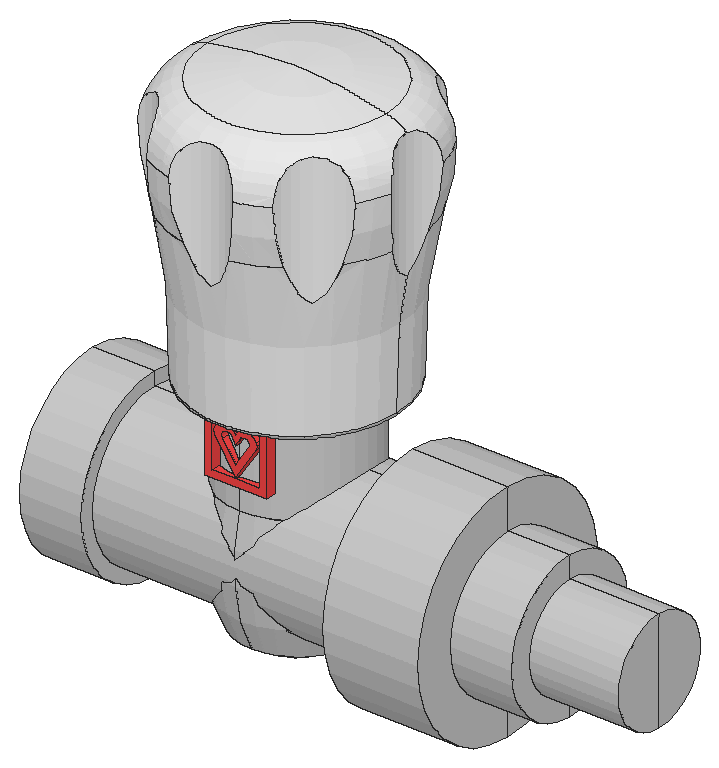
Revit family "GP Radiator Control Valve Straight Model 5523", category Rohrzubehör, Revit 2021
Family settings
  Bemaßung runder Anschluss = Durchmesser verwenden
  Teiletyp = Unterbricht
  OmniClass-Nummer = 23.65.55.14
  OmniClass-Titel = Valves for Liquid Services
  Arbeitsebenenbasiert = Nein
  Immer vertikal = Ja
  Beim Laden mit Abzugskörper schneiden = Nein
  Gemeinsam genutzt = Nein
Parameters
  W01 = 60.00°  # constant formula
  Vorgabe-Ansicht = 0.000 mm
  URL = "www.herzvalves.com"
  SCRNSEQ = "ARM;ARM_TYP=\"ALLF\";2"
  SCRNCODE = "05;00;02"  # constant formula
  S04 = 45.000 mm  # constant formula
  S03 = 61.000 mm  # constant formula
  S02 [instance] = L05 + L06 + L07  # 53.300 mm
  S01 = 10.000 mm  # constant formula
  R05 = 25.000 mm  # constant formula
  R04 = 2.000 mm  # constant formula
  R03 = 28.000 mm  # constant formula
  R02 = 11.500 mm  # constant formula
  R01 = 10.500 mm  # constant formula
  Part number [instance] = size_lookup("5523_", "Artnr", 0, Nennweite)  # 1552321
  Nennweite [instance] = 15.000 mm
  Model = "These universal models are nickel-plated and equipped with special sockets for threaded pipe and compression union connections."
  Medium = "Hot water quality according to Austrian standard ÖNORM H 5195 and/or VDI guideline 2035."
  Max. operating temperature = 110 °C  # constant formula
  Max. operating pressure = 1000000.0 Pa  # constant formula
  LO1 = 10.500 mm  # constant formula
  L07 [instance] = size_lookup("5523_", "L7", 1.000 mm, Nennweite)  # 22.300 mm
  L06 [instance] = size_lookup("5523_", "L6", 1.000 mm, Nennweite)  # 14.000 mm
  L05 [instance] = L02 - L04  # 17.000 mm
  L04 [instance] = size_lookup("5523_", "L4", 1.000 mm, Nennweite)  # 8.000 mm
  L03 [instance] = size_lookup("5523_", "L3", 1.000 mm, Nennweite)  # 9.000 mm
  L02 [instance] = size_lookup("5523_", "L2", 1.000 mm, Nennweite)  # 25.000 mm
  L01 [instance] = size_lookup("5523_", "L1", 1.000 mm, Nennweite)  # 30.000 mm
  Hersteller = "HERZ Armaturen Ges.m.b.H."  # constant formula
  Hand wheel = "plastic, white"  # constant formula
  H02 = 25.500 mm  # constant formula
  H01 = 17.000 mm  # constant formula
  GTI [instance] = size_lookup("5523_", "GT1", 1.000 mm, Nennweite)  # 13.200 mm
  GT [instance] = size_lookup("5523_", "GT", 1.000 mm, Nennweite)  # 9.500 mm
  G2 [instance] = Nennweite / 2  # 7.500 mm
  G1 [instance] = Nennweite / 2  # 7.500 mm
  D05 [instance] = size_lookup("5523_", "D5", 1.000 mm, Nennweite)  # 10.650 mm
  D04 [instance] = size_lookup("5523_", "D4", 1.000 mm, Nennweite)  # 16.500 mm
  D03 [instance] = size_lookup("5523_", "D3", 1.000 mm, Nennweite)  # 9.525 mm
  D02 [instance] = size_lookup("5523_", "D2", 1.000 mm, Nennweite)  # 11.500 mm
  D01 [instance] = size_lookup("5523_", "D1", 1.000 mm, Nennweite)  # 13.500 mm
  Body = "nickel-plated"  # constant formula
Reference planes
  plane 1 "Mitte (Vorne/hinten)": y = 0
  plane 2: z = 0
  plane 3 "Mitte (Links/rechts)": x = 0
Forms (mm)
  Revolve 1, solid, material "Messing, weicher Gelbton, geschweißt", detail levels fine
    sketch origin (0, 0, 0) x (1, 0, 0) y (0, 0, 1)
      loop
        line (-20.5, 0) -> (25, 0) -> (25, 9.525) -> (17, 9.525) -> (17, 11.5) -> (-21, 11.5) -> (-21, 13.5) -> (-30, 13.5) -> (-30, 7.5) -> (-20.5, 7.5) -> (-20.5, 0)
      axis (-30, 0) -> (25, 0)
    angle from 0 to 360
  Revolve 2, solid, material "Messing, weicher Gelbton, geschweißt", detail levels fine
    sketch origin (0, 0, 0) x (0, 1, 0) y (0, 0, 1)
      loop
        line (0, 25.5) -> (-10.5, 25.5) -> (-10.5, 7)
        arc (-10.5, 7) -> (-11.341, -2.816) -> (-8.325, -12.194) r 25
        line (-8.325, -12.194) -> (0, -17) -> (0, 25.5)
      axis (0, -17) -> (0, 25.5)
    angle from 0 to 360
  Revolve 3, solid, material "Messing, weicher Gelbton, geschweißt", detail levels fine
    sketch origin (0, 0, 0) x (1, 0, 0) y (0, 0, 1)
      loop
        line (25, 0) -> (53.3, 0) -> (53.3, 7.5) -> (40.1, 7.5) -> (40.1, 10.65) -> (31, 10.65) -> (31, 16.5) -> (17, 16.5) -> (17, 9.525) -> (25, 9.525) -> (25, 0)
      axis (17, 0) -> (53.3, 0)
    angle from 0 to 360
Lines and regions (mm)
  model lines, detail levels coarse+medium
    curve 1: line (-30, 0, 13.5) -> (-30, 0, -13.5)
    curve 2: line (-30, 0, -13.5) -> (30, 0, 13.5)
    curve 3: line (30, 0, 13.5) -> (30, 0, -13.5)
    curve 4: line (30, 0, -13.5) -> (-30, 0, 13.5)
    curve 5: line (30, 0, 13.5) -> (40, 0, 13.5)
    curve 6: line (40, 0, 13.5) -> (30, 0, 0)
    curve 7: line (30, 0, -13.5) -> (40, 0, -13.5)
    curve 8: line (40, 0, -13.5) -> (30, 0, 0)
    curve 9: line (30, 0, 0) -> (53.3, 0, 0)
    curve 10: line (0, 0, 0) -> (0, 0, 61)
    curve 11: line (-22.5, 0, 61) -> (22.5, 0, 61)
    curve 12: line (-30, 13.5, 0) -> (-30, -13.5, 0)
    curve 13: line (-30, -13.5, 0) -> (30, 13.5, 0)
    curve 14: line (30, 13.5, 0) -> (30, -13.5, 0)
    curve 15: line (30, -13.5, 0) -> (-30, 13.5, 0)
    curve 16: line (0, 0, 0) -> (0, 61, 0)
    curve 17: line (-22.5, 61, 0) -> (22.5, 61, 0)
    curve 18: line (30, 13.5, 0) -> (40, 13.5, 0)
    curve 19: line (40, 13.5, 0) -> (30, 0, 0)
    curve 20: line (30, -13.5, 0) -> (40, -13.5, 0)
    curve 21: line (40, -13.5, 0) -> (30, 0, 0)
Dimensions and locks
  "L01": Revolve 1 sketch curve to plane 3 "Mitte (Links/rechts)"
  "L02": Revolve 1 sketch curve to plane 3 "Mitte (Links/rechts)"
  "G1": Revolve 1 sketch curve to plane 2
  "GT": Revolve 1 sketch curve to Revolve 1 sketch curve
  "D01": Revolve 1 sketch curve to Revolve 1 sketch curve
  "D02": Revolve 1 sketch curve to Revolve 1 sketch curve
  "D03": Revolve 1 sketch curve to Revolve 1 sketch curve
  "L03": Revolve 1 sketch curve to Revolve 1 sketch curve
  "L04": Revolve 1 sketch curve to Revolve 1 sketch curve
  "H01": plane 2 to Revolve 2 sketch curve
  "H02": Revolve 2 sketch curve to plane 2
  "R01": Revolve 2 sketch curve to plane 1 "Mitte (Vorne/hinten)"
  "R02": Revolve 2 sketch curve to plane 1 "Mitte (Vorne/hinten)"
  "D03": Revolve 3 sketch curve to plane 2
  "L04": Revolve 3 sketch curve to Revolve 3 sketch curve
  "L05": Revolve 3 sketch curve to plane 3 "Mitte (Links/rechts)"
  "L06": Revolve 3 sketch curve to Revolve 3 sketch curve
  "L07": Revolve 3 sketch curve to Revolve 3 sketch curve
  "D04": Revolve 3 sketch curve to Revolve 3 sketch curve
  "G2": Revolve 3 sketch curve to Revolve 3 sketch curve
  "D05": Revolve 3 sketch curve to Revolve 3 sketch curve
  "GTI": Revolve 3 sketch curve to Revolve 3 sketch curve
  "LO1": nested 2 to plane 2
  "LO1": nested 1 to nested 2
  "D01": curve 4 to plane 2 to curve 2
  "D01": curve 3 to plane 2 to curve 4
  "L01": curve 1 to plane 3 "Mitte (Links/rechts)" to curve 3
  "S01": curve 3 to curve 6
  "S02": curve 9 to plane 3 "Mitte (Links/rechts)"
  "S03": curve 10 to plane 2
  equal spacing: curve 11, curve 10, curve 11
  "S04": curve 11 to curve 11
  "L01": curve 12 to plane 3 "Mitte (Links/rechts)" to curve 14
  "D01": curve 13 to plane 1 "Mitte (Vorne/hinten)" to curve 15
  "D01": curve 15 to plane 1 "Mitte (Vorne/hinten)" to curve 14
  "S03": plane 1 "Mitte (Vorne/hinten)" to curve 16
  equal spacing: curve 17, plane 3 "Mitte (Links/rechts)", curve 17
  "S04": curve 17 to curve 17
  "S01": curve 14 to curve 19
  "S01": curve 14 to curve 21
  "R05": radius of Revolve 2 sketch curve
  "W01": angle Revolve 2 sketch curve to Revolve 2 sketch curve
  aligned and locked: level to plane 2
Automatic sketch dimensions
  curve 10 to level = 0.000 mm
  curve 9 to level = 0.000 mm
  curve 3 to curve 7 = 10.000 mm
  curve 16 to plane 3 "Mitte (Links/rechts)" = 0.000 mm
  plane 1 "Mitte (Vorne/hinten)" to curve 19 = 0.000 mm
  Revolve 1 sketch curve to level = 0.000 mm  (x2)
  Revolve 1 sketch curve to Revolve 1 sketch curve = 1436.530 mm
  Revolve 1 sketch curve to Revolve 1 sketch curve = 1779.148 mm
  Revolve 2 sketch curve to plane 1 "Mitte (Vorne/hinten)" = 0.000 mm  (x2)
  Revolve 2 sketch curve to level = 0.000 mm
  Revolve 2 sketch curve to Revolve 2 sketch curve = 98.333 mm
  Revolve 2 sketch curve to Revolve 2 sketch curve = 1236.335 mm
  Revolve 3 sketch curve to level = 0.000 mm  (x2)
  Revolve 3 sketch curve to plane 3 "Mitte (Links/rechts)" = 1506.530 mm
  Revolve 3 sketch curve to Revolve 3 sketch curve = 1789.648 mm
Nested families
  nested 1: "Handrad-Heizkörperventile" at (0, 0, 20), type "Handrad-Heizkörperventile", detail levels fine
  nested 2: "Herz-Logo-vorne" at (0, -10.5, 15) x (0, 1, 0) z (0, 0, 1), type "Herz-Logo-vorne", detail levels fine
Connectors
  piping at (-20.5, 0, 0), diameter 15, driven by "Nennweite"
    settings: on Revolve 1, index 1, connector inside diameter 609.6 mm, connector length 0.000 mm, flow factor 0, pipe flow 0.0 L/s, pressure drop 0.0 Pa, fitting loss kfactor 0, connector angle 0.00°, fixture units 0, engagement length 0.000 mm, angle of deflection 0.00°, flow configuration 0, flow direction 1, fitting loss method 0, system type 7, joint type 0, gender type 0, connector reference index -1, connector utility 0, adjustable connector no, is connector primary yes, connector description ""
  piping at (53.3, 0, 0), diameter 15, driven by "Nennweite"
    settings: on Revolve 3, index 2, connector inside diameter 609.6 mm, connector length 0.000 mm, flow factor 0, pipe flow 0.0 L/s, pressure drop 0.0 Pa, fitting loss kfactor 0, connector angle 0.00°, fixture units 0, engagement length 0.000 mm, angle of deflection 0.00°, flow configuration 0, flow direction 2, fitting loss method 0, system type 7, joint type 0, gender type 0, connector reference index -1, connector utility 0, adjustable connector no, is connector primary no, connector description ""
Definition of nested family "Handrad-Heizkörperventile"
  Parameters (values of type "Handrad-Heizkörperventile")
    Default Elevation = 0.000 mm
    T01 = 5.500 mm  # constant formula
    R01 = 10.500 mm  # constant formula
  Reference planes
    plane 1 "Mitte (Vorne/hinten)": y = 0
    plane 2: z = 0
    plane 3 "Mitte (Links/rechts)": x = 0
  Forms (mm)
    Revolve 1, solid, detail levels fine
      sketch origin (0, 0, 0) x (1, 0, 0) y (0, 0, 1)
        loop
          line (10.5, 0) -> (14.25, 0)
          arc (14.25, 0) -> (14.604, 0.146) -> (14.75, 0.5) r 0.5
          arc (14.75, 0.5) -> (15.098, 12.356) -> (17.195, 24.03) r 80
          arc (17.195, 24.03) -> (18.172, 28.281) -> (18.5, 32.63) r 29
          arc (18.5, 32.63) -> (17.011, 36.946) -> (13.177, 39.426) r 7
          arc (13.177, 39.426) -> (6.637, 40.626) -> (0, 41.028) r 55
          line (0, 41.028) -> (0, 5.5) -> (10.5, 5.5) -> (10.5, 0)
        axis (0, 41.028) -> (0, 0)
      angle from 0 to 360
    Extrusion 2, void
      sketch origin (0, 0, 0) x (1, 0, 0) y (0, 1, 0)
        loop
          arc (-16.011, 9.268) -> (-11.314, 11.314) -> (-9.268, 16.011) r 7
          arc (-9.268, 16.011) -> (-13.081, 13.081) -> (-16.011, 9.268) r 18.5
        loop
          arc (16.011, 9.268) -> (13.081, 13.081) -> (9.268, 16.011) r 18.5
          arc (9.268, 16.011) -> (11.314, 11.314) -> (16.011, 9.268) r 7
        loop
          arc (-16.011, -9.268) -> (-13.081, -13.081) -> (-9.268, -16.011) r 18.5
          arc (-9.268, -16.011) -> (-11.314, -11.314) -> (-16.011, -9.268) r 7
        loop
          arc (16.011, -9.268) -> (11.314, -11.314) -> (9.268, -16.011) r 7
          arc (9.268, -16.011) -> (13.081, -13.081) -> (16.011, -9.268) r 18.5
        loop
          arc (17.953, 4.58) -> (16.078, -0.188) -> (17.953, -4.956) r 7
          arc (17.953, -4.956) -> (18.578, -0.188) -> (17.953, 4.58) r 18.5
        loop
          arc (-17.953, 4.58) -> (-18.578, -0.188) -> (-17.953, -4.956) r 18.5
          arc (-17.953, -4.956) -> (-16.078, -0.188) -> (-17.953, 4.58) r 7
        loop
          arc (-4.58, 17.953) -> (0.188, 16.078) -> (4.956, 17.953) r 7
          arc (4.956, 17.953) -> (0.188, 18.578) -> (-4.58, 17.953) r 18.5
        loop
          arc (-4.58, -17.953) -> (0.188, -18.578) -> (4.956, -17.953) r 18.5
          arc (4.956, -17.953) -> (0.188, -16.078) -> (-4.58, -17.953) r 7
      from 15.609 to 43.011
  Cuts and joins
    Extrusion 2 cuts Revolve 1
  Dimensions and locks
    "R01": Revolve 1 sketch curve to Revolve 1 sketch curve
    Revolve 1 sketch curve to plane 3 "Mitte (Links/rechts)" = 14.750 mm
    "T01": Revolve 1 sketch curve to Revolve 1 sketch curve
    aligned and locked: level to plane 2
  Automatic sketch dimensions
    Extrusion 2 sketch curve to Extrusion 2 sketch curve = 0.000 mm  (x14)
    plane 1 "Mitte (Vorne/hinten)" to Extrusion 2 sketch curve = 0.000 mm
    Extrusion 2 sketch curve to plane 3 "Mitte (Links/rechts)" = 0.000 mm
    Extrusion 2 sketch curve to plane 3 "Mitte (Links/rechts)" = 0.078 mm
    Extrusion 2 sketch curve to plane 3 "Mitte (Links/rechts)" = 16.263 mm  (x2)
    plane 1 "Mitte (Vorne/hinten)" to Extrusion 2 sketch curve = 0.188 mm  (x2)
    Extrusion 2 sketch curve to Extrusion 2 sketch curve = 6.815 mm  (x4)
    plane 3 "Mitte (Links/rechts)" to Extrusion 2 sketch curve = 0.078 mm
    plane 3 "Mitte (Links/rechts)" to Extrusion 2 sketch curve = 0.188 mm  (x2)
    plane 1 "Mitte (Vorne/hinten)" to Extrusion 2 sketch curve = 0.078 mm
    Extrusion 2 sketch curve to Extrusion 2 sketch curve = 0.110 mm  (x2)
    Extrusion 2 sketch curve to plane 1 "Mitte (Vorne/hinten)" = 0.078 mm
    plane 3 "Mitte (Links/rechts)" to Extrusion 2 sketch curve = 16.263 mm  (x2)
    plane 1 "Mitte (Vorne/hinten)" to Extrusion 2 sketch curve = 16.263 mm  (x2)
    Extrusion 2 sketch curve to plane 1 "Mitte (Vorne/hinten)" = 16.263 mm  (x2)
    Extrusion 2 sketch curve to plane 3 "Mitte (Links/rechts)" = 4.580 mm  (x2)
    Extrusion 2 sketch curve to Extrusion 2 sketch curve = 4.688 mm  (x2)
    Extrusion 2 sketch curve to Extrusion 2 sketch curve = 0.252 mm  (x4)
    Extrusion 2 sketch curve to Extrusion 2 sketch curve = 1.942 mm  (x4)
    Extrusion 2 sketch curve to Extrusion 2 sketch curve = 4.312 mm  (x4)
    Revolve 1 sketch curve to plane 3 "Mitte (Links/rechts)" = 0.000 mm  (x2)
    Revolve 1 sketch curve to level = 0.000 mm
    Revolve 1 sketch curve to plane 3 "Mitte (Links/rechts)" = 10.500 mm
    plane 3 "Mitte (Links/rechts)" to Revolve 1 sketch curve = 11.500 mm
    Revolve 1 sketch curve to Revolve 1 sketch curve = 0.500 mm
    level to Revolve 1 sketch curve = 4.086 mm
    Revolve 1 sketch curve to Revolve 1 sketch curve = 79.920 mm
    Revolve 1 sketch curve to level = 13.972 mm
    Revolve 1 sketch curve to Revolve 1 sketch curve = 27.130 mm
    Revolve 1 sketch curve to Revolve 1 sketch curve = 8.398 mm
    Revolve 1 sketch curve to Revolve 1 sketch curve = 0.000 mm
    Revolve 1 sketch curve to Revolve 1 sketch curve = 1.305 mm
    Revolve 1 sketch curve to Revolve 1 sketch curve = 352.073 mm
    Revolve 1 sketch curve to Revolve 1 sketch curve = 2173.287 mm
Definition of nested family "Herz-Logo-vorne"
  Parameters (values of type "Herz-Logo-vorne")
    Default Elevation = 0.000 mm
  Reference planes
    plane 1 "Mitte (Vorne/hinten)": y = 0
    plane 2: z = 0
    plane 3 "Mitte (Links/rechts)": x = 0
  Forms (mm)
    Extrusion 1, solid
      sketch origin (0.732, -0.018, 0.017) x (0, -1, 0) y (0, 0, 1)
        loop
          line (-0.018, -4.517) -> (4.482, -4.517) -> (4.482, 4.483) -> (-4.518, 4.483) -> (-4.518, -4.517) -> (-0.018, -4.517)
        loop
          line (-0.05, -3.48) -> (3.482, -3.48) -> (3.482, 3.483) -> (-3.518, 3.483) -> (-3.518, -3.48) -> (-0.05, -3.48)
        loop
          arc (-0.018, 2.383) -> (-1.543, 3.287) -> (-3.067, 2.383) r 1.738
          arc (-3.067, 2.383) -> (-3.191, 1.899) -> (-3.067, 1.415) r 1.009
          line (-3.067, 1.415) -> (-0.018, -3.281) -> (3.032, 1.415)
          arc (3.032, 1.415) -> (3.156, 1.899) -> (3.032, 2.383) r 1.009
          arc (3.032, 2.383) -> (1.507, 3.287) -> (-0.018, 2.383) r 1.738
        loop
          arc (1.885, 1.272) -> (2.005, 1.675) -> (1.885, 2.079) r 0.74
          arc (1.885, 2.079) -> (1.265, 2.416) -> (0.644, 2.079) r 0.74
          line (0.644, 2.079) -> (-0.018, 0.97) -> (-0.679, 2.079)
          arc (-0.679, 2.079) -> (-1.3, 2.416) -> (-1.921, 2.079) r 0.74
          arc (-1.921, 2.079) -> (-2.04, 1.675) -> (-1.921, 1.272) r 0.74
          line (-1.921, 1.272) -> (-0.018, -1.658) -> (1.885, 1.272)
      from 0 to 1.5
  Dimensions and locks
    aligned and locked: level to plane 2
